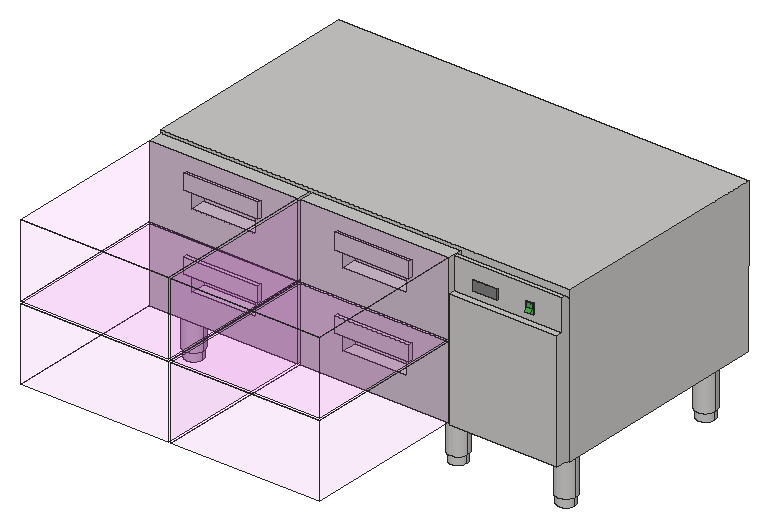
Revit family "QF_ELECTROLUXPROFESSIONAL_371295_E7TTBECOMIN", category Specialty Equipment, Revit 2023 (continued)
Automatic sketch dimensions
  Split face 135 sketch curve to Extrusion 8 = 68.797 mm
  Split face 135 sketch curve to Split face 135 sketch curve = 4 mm
  Split face 136 sketch curve to Extrusion 8 = 54.499 mm
  Split face 136 sketch curve to Split face 136 sketch curve = 0.02 mm  (x2)
  Split face 136 sketch curve to Extrusion 8 = 22.519 mm
  Split face 136 sketch curve to Extrusion 8 = 80.797 mm
  Split face 136 sketch curve to Split face 136 sketch curve = 4 mm
  Split face 137 sketch curve to Extrusion 8 = 54.499 mm
  Split face 137 sketch curve to Split face 137 sketch curve = 0.02 mm  (x2)
  Split face 137 sketch curve to Extrusion 8 = 22.519 mm
  Split face 137 sketch curve to Extrusion 8 = 92.797 mm
  Split face 137 sketch curve to Split face 137 sketch curve = 4 mm
  Split face 138 sketch curve to Extrusion 8 = 54.499 mm
  Split face 138 sketch curve to Split face 138 sketch curve = 0.02 mm  (x2)
  Split face 138 sketch curve to Extrusion 8 = 22.519 mm
  Split face 138 sketch curve to Extrusion 8 = 104.797 mm
  Split face 138 sketch curve to Split face 138 sketch curve = 4 mm
  Split face 139 sketch curve to Extrusion 8 = 54.499 mm
  Split face 139 sketch curve to Split face 139 sketch curve = 0.02 mm  (x2)
  Split face 139 sketch curve to Extrusion 8 = 22.519 mm
  Split face 139 sketch curve to Extrusion 8 = 116.797 mm
  Split face 139 sketch curve to Split face 139 sketch curve = 4 mm
  Split face 140 sketch curve to Extrusion 8 = 54.499 mm
  Split face 140 sketch curve to Split face 140 sketch curve = 0.02 mm  (x2)
  Split face 140 sketch curve to Extrusion 8 = 22.519 mm
  Split face 140 sketch curve to Extrusion 8 = 128.797 mm
  Split face 140 sketch curve to Split face 140 sketch curve = 4 mm
  Split face 141 sketch curve to Extrusion 8 = 54.499 mm
  Split face 141 sketch curve to Split face 141 sketch curve = 0.02 mm  (x2)
  Split face 141 sketch curve to Extrusion 8 = 22.519 mm
  Split face 141 sketch curve to Extrusion 8 = 137.003 mm
  Split face 141 sketch curve to Split face 141 sketch curve = 4 mm
  Split face 142 sketch curve to Extrusion 8 = 54.499 mm
  Split face 142 sketch curve to Split face 142 sketch curve = 0.02 mm  (x2)
  Split face 142 sketch curve to Extrusion 8 = 22.519 mm
  Split face 142 sketch curve to Extrusion 8 = 125.004 mm
  Split face 142 sketch curve to Split face 142 sketch curve = 4 mm
  Split face 143 sketch curve to Extrusion 8 = 54.499 mm
  Split face 143 sketch curve to Split face 143 sketch curve = 0.02 mm  (x2)
  Split face 143 sketch curve to Extrusion 8 = 22.519 mm
  Split face 143 sketch curve to Extrusion 8 = 113.003 mm
  Split face 143 sketch curve to Split face 143 sketch curve = 4 mm
  Split face 144 sketch curve to Extrusion 8 = 54.499 mm
  Split face 144 sketch curve to Split face 144 sketch curve = 0.02 mm  (x2)
  Split face 144 sketch curve to Extrusion 8 = 22.519 mm
  Split face 144 sketch curve to Extrusion 8 = 101.003 mm
  Split face 144 sketch curve to Split face 144 sketch curve = 4 mm
  Split face 145 sketch curve to Extrusion 8 = 54.499 mm
  Split face 145 sketch curve to Split face 145 sketch curve = 0.02 mm  (x2)
  Split face 145 sketch curve to Extrusion 8 = 22.519 mm
  Split face 145 sketch curve to Extrusion 8 = 89.003 mm
  Split face 145 sketch curve to Split face 145 sketch curve = 4 mm
  Split face 146 sketch curve to Extrusion 8 = 54.499 mm
  Split face 146 sketch curve to Split face 146 sketch curve = 0.02 mm  (x2)
  Split face 146 sketch curve to Extrusion 8 = 22.519 mm
  Split face 146 sketch curve to Extrusion 8 = 77.004 mm
  Split face 146 sketch curve to Split face 146 sketch curve = 4 mm
  Split face 147 sketch curve to Extrusion 8 = 54.499 mm
  Split face 147 sketch curve to Split face 147 sketch curve = 0.02 mm  (x2)
  Split face 147 sketch curve to Extrusion 8 = 22.519 mm
  Split face 147 sketch curve to Extrusion 8 = 65.003 mm
  Split face 147 sketch curve to Split face 147 sketch curve = 4 mm
  Split face 148 sketch curve to Extrusion 8 = 54.499 mm
  Split face 148 sketch curve to Split face 148 sketch curve = 0.02 mm  (x2)
  Split face 148 sketch curve to Extrusion 8 = 22.519 mm
  Split face 148 sketch curve to Extrusion 8 = 53.004 mm
  Split face 148 sketch curve to Split face 148 sketch curve = 4 mm
  Split face 149 sketch curve to Extrusion 8 = 54.499 mm
  Split face 149 sketch curve to Split face 149 sketch curve = 0.02 mm  (x2)
  Split face 149 sketch curve to Extrusion 8 = 22.519 mm
  Split face 149 sketch curve to Extrusion 8 = 41.004 mm
  Split face 149 sketch curve to Split face 149 sketch curve = 4 mm
  Split face 150 sketch curve to Extrusion 8 = 25.004 mm
  Split face 150 sketch curve to Extrusion 8 = 54.499 mm
  Split face 150 sketch curve to Split face 150 sketch curve = 0.02 mm  (x2)
  Split face 150 sketch curve to Extrusion 8 = 22.519 mm
  Split face 150 sketch curve to Split face 150 sketch curve = 4 mm
  Split face 151 sketch curve to Extrusion 8 = 24.901 mm
  Split face 151 sketch curve to Extrusion 8 = 54.499 mm
  Split face 151 sketch curve to Split face 151 sketch curve = 0.02 mm  (x2)
  Split face 151 sketch curve to Extrusion 8 = 22.519 mm
  Split face 151 sketch curve to Split face 151 sketch curve = 4 mm
  Split face 152 sketch curve to Extrusion 8 = 20.5 mm
  Split face 152 sketch curve to Split face 152 sketch curve = 0.02 mm  (x2)
  Split face 152 sketch curve to Split face 152 sketch curve = 31.959 mm
  Split face 152 sketch curve to Extrusion 8 = 140.797 mm
  Split face 152 sketch curve to Split face 152 sketch curve = 4 mm
  Split face 153 sketch curve to Extrusion 8 = 20.5 mm
  Split face 153 sketch curve to Split face 153 sketch curve = 0.02 mm  (x2)
  Split face 153 sketch curve to Split face 153 sketch curve = 31.959 mm
  Split face 153 sketch curve to Extrusion 8 = 152.797 mm
  Split face 153 sketch curve to Split face 153 sketch curve = 4 mm
  Split face 154 sketch curve to Extrusion 8 = 20.5 mm
  Split face 154 sketch curve to Split face 154 sketch curve = 0.02 mm  (x2)
  Split face 154 sketch curve to Split face 154 sketch curve = 31.959 mm
  Split face 154 sketch curve to Extrusion 8 = 148.203 mm
  Split face 154 sketch curve to Split face 154 sketch curve = 4 mm
  Split face 155 sketch curve to Extrusion 8 = 65.502 mm
  Split face 155 sketch curve to Split face 155 sketch curve = 0.02 mm  (x2)
  Split face 155 sketch curve to Split face 155 sketch curve = 31.959 mm
  Split face 155 sketch curve to Extrusion 8 = 140.797 mm
  Split face 155 sketch curve to Split face 155 sketch curve = 4 mm
  Split face 156 sketch curve to Extrusion 8 = 65.502 mm
  Split face 156 sketch curve to Split face 156 sketch curve = 0.02 mm  (x2)
  Split face 156 sketch curve to Split face 156 sketch curve = 31.959 mm
  Split face 156 sketch curve to Extrusion 8 = 152.797 mm
  Split face 156 sketch curve to Split face 156 sketch curve = 4 mm
  Split face 157 sketch curve to Extrusion 8 = 65.502 mm
  Split face 157 sketch curve to Split face 157 sketch curve = 0.02 mm  (x2)
  Split face 157 sketch curve to Split face 157 sketch curve = 31.959 mm
  Split face 157 sketch curve to Extrusion 8 = 148.203 mm
  Split face 157 sketch curve to Split face 157 sketch curve = 4 mm
  Split face 158 sketch curve to Extrusion 8 = 110.502 mm
  Split face 158 sketch curve to Split face 158 sketch curve = 0.02 mm  (x2)
  Split face 158 sketch curve to Split face 158 sketch curve = 31.959 mm
  Split face 158 sketch curve to Extrusion 8 = 140.797 mm
  Split face 158 sketch curve to Split face 158 sketch curve = 4 mm
  Split face 159 sketch curve to Extrusion 8 = 110.502 mm
  Split face 159 sketch curve to Split face 159 sketch curve = 0.02 mm  (x2)
  Split face 159 sketch curve to Split face 159 sketch curve = 31.959 mm
  Split face 159 sketch curve to Extrusion 8 = 152.797 mm
  Split face 159 sketch curve to Split face 159 sketch curve = 4 mm
  Split face 160 sketch curve to Extrusion 8 = 110.502 mm
  Split face 160 sketch curve to Split face 160 sketch curve = 0.02 mm  (x2)
  Split face 160 sketch curve to Split face 160 sketch curve = 31.959 mm
  Split face 160 sketch curve to Extrusion 8 = 148.203 mm
  Split face 160 sketch curve to Split face 160 sketch curve = 4 mm
  Split face 161 sketch curve to Extrusion 8 = 155.502 mm
  Split face 161 sketch curve to Split face 161 sketch curve = 0.02 mm  (x2)
  Split face 161 sketch curve to Split face 161 sketch curve = 31.959 mm
  Split face 161 sketch curve to Extrusion 8 = 140.797 mm
  Split face 161 sketch curve to Split face 161 sketch curve = 4 mm
  Split face 162 sketch curve to Extrusion 8 = 155.502 mm
  Split face 162 sketch curve to Split face 162 sketch curve = 0.02 mm  (x2)
  Split face 162 sketch curve to Split face 162 sketch curve = 31.959 mm
  Split face 162 sketch curve to Extrusion 8 = 152.797 mm
  Split face 162 sketch curve to Split face 162 sketch curve = 4 mm
  Split face 163 sketch curve to Extrusion 8 = 155.502 mm
  Split face 163 sketch curve to Split face 163 sketch curve = 0.02 mm  (x2)
  Split face 163 sketch curve to Split face 163 sketch curve = 31.959 mm
  Split face 163 sketch curve to Extrusion 8 = 148.203 mm
  Split face 163 sketch curve to Split face 163 sketch curve = 4 mm
  Split face 164 sketch curve to Extrusion 8 = 144.498 mm
  Split face 164 sketch curve to Split face 164 sketch curve = 0.02 mm  (x2)
  Split face 164 sketch curve to Split face 164 sketch curve = 31.959 mm
  Split face 164 sketch curve to Extrusion 8 = 140.797 mm
  Split face 164 sketch curve to Split face 164 sketch curve = 4 mm
  Split face 165 sketch curve to Extrusion 8 = 144.498 mm
  Split face 165 sketch curve to Split face 165 sketch curve = 0.02 mm  (x2)
  Split face 165 sketch curve to Split face 165 sketch curve = 31.959 mm
  Split face 165 sketch curve to Extrusion 8 = 152.797 mm
  Split face 165 sketch curve to Split face 165 sketch curve = 4 mm
  Split face 166 sketch curve to Extrusion 8 = 144.498 mm
  Split face 166 sketch curve to Split face 166 sketch curve = 0.02 mm  (x2)
  Split face 166 sketch curve to Split face 166 sketch curve = 31.959 mm
  Split face 166 sketch curve to Extrusion 8 = 148.203 mm
  Split face 166 sketch curve to Split face 166 sketch curve = 4 mm
  Split face 167 sketch curve to Extrusion 8 = 99.499 mm
  Split face 167 sketch curve to Split face 167 sketch curve = 0.02 mm  (x2)
  Split face 167 sketch curve to Split face 167 sketch curve = 31.959 mm
  Split face 167 sketch curve to Extrusion 8 = 140.797 mm
  Split face 167 sketch curve to Split face 167 sketch curve = 4 mm
  Split face 168 sketch curve to Extrusion 8 = 99.499 mm
  Split face 168 sketch curve to Split face 168 sketch curve = 0.02 mm  (x2)
  Split face 168 sketch curve to Split face 168 sketch curve = 31.959 mm
  Split face 168 sketch curve to Extrusion 8 = 152.797 mm
  Split face 168 sketch curve to Split face 168 sketch curve = 4 mm
  Split face 169 sketch curve to Extrusion 8 = 99.499 mm
  Split face 169 sketch curve to Split face 169 sketch curve = 0.02 mm  (x2)
  Split face 169 sketch curve to Split face 169 sketch curve = 31.959 mm
  Split face 169 sketch curve to Extrusion 8 = 148.203 mm
  Split face 169 sketch curve to Split face 169 sketch curve = 4 mm
  Split face 170 sketch curve to Extrusion 8 = 54.499 mm
  Split face 170 sketch curve to Split face 170 sketch curve = 0.02 mm  (x2)
  Split face 170 sketch curve to Extrusion 8 = 22.519 mm
  Split face 170 sketch curve to Extrusion 8 = 140.797 mm
  Split face 170 sketch curve to Split face 170 sketch curve = 4 mm
  Split face 171 sketch curve to Extrusion 8 = 54.499 mm
  Split face 171 sketch curve to Split face 171 sketch curve = 0.02 mm  (x2)
  Split face 171 sketch curve to Extrusion 8 = 22.519 mm
  Split face 171 sketch curve to Extrusion 8 = 152.797 mm
  Split face 171 sketch curve to Split face 171 sketch curve = 4 mm
  Split face 172 sketch curve to Extrusion 8 = 54.499 mm
  Split face 172 sketch curve to Split face 172 sketch curve = 0.02 mm  (x2)
  Split face 172 sketch curve to Extrusion 8 = 22.519 mm
  Split face 172 sketch curve to Extrusion 8 = 148.203 mm
  Split face 172 sketch curve to Split face 172 sketch curve = 4 mm
  Extrusion 12 sketch curve to Extrusion 7 = 15 mm  (x2)
  Extrusion 7 to Extrusion 12 sketch curve = 31.031 mm
  Extrusion 12 sketch curve to Extrusion 7 = 13.969 mm
  Extrusion 13 sketch curve to plane 15 = 4.998 mm
  plane 22 to Extrusion 13 sketch curve = 29.206 mm
  Extrusion 13 sketch curve to plane 12 = 71.698 mm
  Extrusion 13 sketch curve to plane 3 "Centro (Sinistra/Destra)" = 29.299 mm
  Extrusion 13 sketch curve to plane 21 = 45 mm
  Extrusion 13 sketch curve to Extrusion 13 sketch curve = 123.7 mm
  Extrusion 13 sketch curve to Extrusion 13 sketch curve = 78.294 mm
  Extrusion 14 sketch curve to Extrusion 13 = 15 mm  (x2)
  Extrusion 13 to Extrusion 14 sketch curve = 31.031 mm
  Extrusion 14 sketch curve to Extrusion 13 = 13.969 mm
  Extrusion 15 sketch curve to plane 3 "Centro (Sinistra/Destra)" = 160.999 mm
  Extrusion 15 sketch curve to Extrusion 15 sketch curve = 123.7 mm
  plane 10 to Extrusion 15 sketch curve = 73.7 mm
  plane 16 to Extrusion 15 sketch curve = 4 mm
  Extrusion 15 sketch curve to Extrusion 15 sketch curve = 78.294 mm
  Extrusion 15 sketch curve to plane 21 = 50 mm
  Extrusion 16 sketch curve to Extrusion 15 = 15 mm  (x2)
  Extrusion 15 to Extrusion 16 sketch curve = 31.031 mm
  Extrusion 16 sketch curve to Extrusion 15 = 13.969 mm
  Extrusion 17 sketch curve to plane 15 = 4.998 mm
  Extrusion 17 sketch curve to plane 12 = 71.698 mm
  Extrusion 17 sketch curve to plane 3 "Centro (Sinistra/Destra)" = 29.299 mm
  Extrusion 17 sketch curve to Extrusion 17 sketch curve = 123.7 mm
  Extrusion 17 sketch curve to Extrusion 17 sketch curve = 78.294 mm
  Extrusion 17 sketch curve to plane 21 = 50 mm
  Extrusion 18 sketch curve to Extrusion 17 = 15 mm  (x2)
  Extrusion 17 to Extrusion 18 sketch curve = 31.031 mm
  Extrusion 18 sketch curve to Extrusion 17 = 13.969 mm
  plane 23 to Extrusion 5 sketch curve = 9.006 mm
  plane 23 to Extrusion 6 sketch curve = 9.006 mm
  Extrusion 8 sketch curve to plane 23 = 0 mm
  Extrusion 15 sketch curve to plane 21 = 105.994 mm
  plane 23 to Extrusion 15 sketch curve = 9.006 mm
  Extrusion 17 sketch curve to plane 21 = 105.994 mm
  plane 23 to Extrusion 17 sketch curve = 9.006 mm
  Extrusion 3 sketch curve to plane 24 "TOP" = 9.006 mm
  Extrusion 4 sketch curve to plane 24 "TOP" = 9.006 mm
  Extrusion 7 sketch curve to plane 24 "TOP" = 9.006 mm
  Extrusion 8 sketch curve to plane 24 "TOP" = 20.473 mm
  Extrusion 13 sketch curve to plane 24 "TOP" = 9.006 mm
  radius of Extrusion 2 sketch curve = 6 mm
  radius of Split face 2 sketch curve = 1.2 mm
  radius of Split face 3 sketch curve = 1.2 mm
  radius of Split face 4 sketch curve = 1.2 mm
  radius of Split face 5 sketch curve = 1.2 mm
  radius of Split face 6 sketch curve = 1.2 mm
  radius of Split face 7 sketch curve = 1.2 mm
Nested families
  nested 1: "Foot H200" at (-545, -249, 0), type "Foot H200"
  nested 2: "Foot H200" at (-545, 262, 0), type "Foot H200"
  nested 3: "Foot H200" at (229, -249, 0) x (-1, 0, 0) z (0, 0, 1), type "Foot H200"
  nested 4: "Foot H200" at (229, 262, 0) x (-1, 0, 0) z (0, 0, 1), type "Foot H200"
  nested 5: "Foot H200" at (545, -249, 0) x (-1, 0, 0) z (0, 0, 1), type "Foot H200"
  nested 6: "Foot H200" at (545, 262, 0) x (-1, 0, 0) z (0, 0, 1), type "Foot H200"
  nested 7: "01_Refrigerator" at (350, -150, 0), type "01_Refrigerator"
Connectors
  electrical at (558, 190, 189.987)
    settings: on Extrusion 2, index 1, voltage 0 V, apparent load 0 VA, apparent load phase1 0 VA, apparent load phase2 0 VA, apparent load phase3 0 VA, power factor 1, load classification "Altro", number of poles 1, system type 30, power factor state 1, is connector primary yes, connector utility no, sub classification motor no, connector description "Electrical"
Definition of nested family "Foot H200"
  Parameters (values of type "Foot H200")
    H feet [instance] = 150 mm
    Default Elevation = 0 mm
  Reference planes
    plane 1 "Centro (Fronte/Retro)": y = 0
    plane 2: z = 0
    plane 3 "Centro (Sinistra/Destra)": x = 0
    plane 4: z = 150
  Forms (mm)
    Revolve 1, solid
      sketch origin (255.05, 0, 608.09) x (0, 0, 1) y (-1, 0, 0)
        loop
          line (-608.09, 255.05) -> (-608.09, 230.05) -> (-583.09, 230.05) -> (-583.09, 226.05) -> (-458.09, 226.05) -> (-458.09, 255.05) -> (-608.09, 255.05)
        axis (-608.09, 255.05) -> (-458.09, 255.05)
      angle from 0 to 360
  Dimensions and locks
    Revolve 1 sketch curve to Revolve 1 sketch curve = 125 mm
    plane 4 to level = 150 mm
    "H feet": plane 4 to level
    aligned and locked: level to plane 2
    aligned and locked: plane 4 to Revolve 1 sketch curve
    aligned and locked: Revolve 1 sketch curve to level
    aligned and locked: plane 3 "Centro (Sinistra/Destra)" to Revolve 1 sketch curve
  Automatic sketch dimensions
    Revolve 1 sketch curve to plane 3 "Centro (Sinistra/Destra)" = 0 mm
    Revolve 1 sketch curve to Revolve 1 sketch curve = 25 mm
    Revolve 1 sketch curve to Revolve 1 sketch curve = 29 mm
    plane 4 to Revolve 1 sketch curve = 50 mm
    Revolve 1 sketch curve to Revolve 1 sketch curve = 20 mm
Definition of nested family "01_Refrigerator"
  Reference planes
    plane 1 "Center (Front/Back)": y = 0
    plane 2: z = 0
    plane 3 "Center (Left/Right)": x = 0
  Lines and regions (mm)
    detail lines, in view "Ref. Level"
      curve 1: line (0, -60, 0) -> (0, 60, 0)
      curve 2: line (-51.962, 30, 0) -> (51.962, -30, 0)
      curve 3: line (-51.962, -30, 0) -> (51.962, 30, 0)
      curve 4: line (19.116, 56.873, 0) -> (0, 35, 0)
      curve 5: line (0, 35, 0) -> (-19.116, 56.873, 0)
      curve 6: line (-30.311, 17.5, 0) -> (-40, 45.883, 0)
      curve 7: line (-59.736, 11.7, 0) -> (-30.311, 17.5, 0)
      curve 8: line (-30.311, -17.5, 0) -> (-59.736, -11.7, 0)
      curve 9: line (-40, -45.883, 0) -> (-30.311, -17.5, 0)
      curve 10: line (0, -35, 0) -> (-19.116, -56.873, 0)
      curve 11: line (19.116, -56.873, 0) -> (0, -35, 0)
      curve 12: line (30.311, -17.5, 0) -> (39.696, -44.992, 0)
      curve 13: line (58.812, -11.882, 0) -> (30.311, -17.5, 0)
      curve 14: line (30.311, 17.5, 0) -> (58.812, 11.882, 0)
      curve 15: line (39.696, 44.992, 0) -> (30.311, 17.5, 0)
      curve 16: spline (-200, 0, 0) -> (-193.185, -23.294, 0) -> (-173.205, -45, 0) -> (-141.421, -63.64, 0) -> (-100, -77.942, 0) -> (-51.764, -86.933, 0) -> (0, -90, 0) -> (51.764, -86.933, 0) -> (100, -77.942, 0) -> (141.421, -63.64, 0) -> (173.205, -45, 0) -> (193.185, -23.294, 0) -> (200, 0, 0) -> (193.185, 23.294, 0) -> (173.205, 45, 0) -> (141.421, 63.64, 0) -> (100, 77.942, 0) -> (51.764, 86.933, 0) -> (0, 90, 0) -> (-51.764, 86.933, 0) -> (-100, 77.942, 0) -> (-141.421, 63.64, 0) -> (-173.205, 45, 0) -> (-193.185, 23.294, 0) -> (-200, 0, 0)
